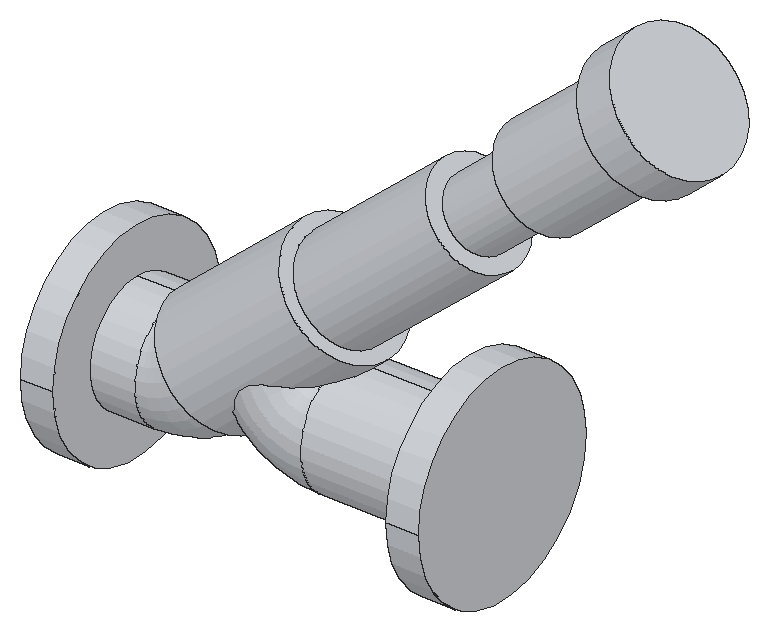
Revit family "1ee139f80a844d158aff28300526b1a3", category Pipe Accessories, Revit 2021
Family settings
  Round Connector Dimension = Use Radius
  Part Type = Valve - Breaks Into
  OmniClass Number = 23.65.55.14.17
  OmniClass Title = Adjusting/Controlling Valves for Liquid Services
  Seek Item ID = Diaphragm Valve - Y Pattern - 1.5-3 Inch - Threaded-0000-USA-ENU
  Work Plane-Based = No
  Always vertical = Yes
  Cut with Voids When Loaded = No
  Shared = No
Parameters (values of type "1 1/2"")
  Valve Material = none
  Valve Length = 0' - 6 13/128"
  Outside Diameter = 0' - 1 205/256"
  K Coefficient = 1.88
  Height 2 = Open Height / 2  # 0' - 3 243/256"
  Default Elevation = 0' - 0"
  Body Radius 3 = 1.1 * Outside Radius  # 0' - 0.99"
  Body Radius 4 = 0.8 * Body Radius 3  # 0' - 0.792"
  Body Radius 5 = 0.7 * Body Radius 4  # 0' - 0.5544"
  Body Radius 6 = 1.3 * Body Radius 4  # 0' - 1.0296"
  Height 1 = Open Height - Outside Radius  # 0' - 6.99844"
  Body Radius 2 = 1.05 * Outside Radius  # 0' - 0.945"
  Body Radius 1 = 1.05 * Outside Radius  # 0' - 0.945"
  Outside Radius = Nominal Diameter * 0.6  # 0' - 0.9"
  Open Height = 0' - 7 115/128"
  Nominal Radius = 3/4"
  Nominal Diameter = Nominal Radius * 2  # 1 1/2"
  Socket Thickness = 0' - 0 1/2"
  Socket Radius = 0' - 1 77/128"
  Body Length 7 = 0.1 * (((Height 1 - Body Radius 6 * cos(Angle 1) - Body Radius 1 * (1 - cos(Angle 1))) / sin(Angle 1)) - Body Length 3)  # 0' - 0.67218"
  Body Length 6 = 3 * Body Length 7  # 0' - 2.01655"
  Body Length 5 = 2 * Body Length 7  # 0' - 1.34437"
  Body Length 4 = 4 * Body Length 7  # 0' - 2.68874"
  Body Length 3 = 0' - 2 1/2"
  Body Length 2 = 0' - 1 7/8"
  Body Length 1 = 0' - 0 11/16"
  Angle 1 = 40.50°
  Angle 2 = 75.00°  # constant formula
Types (5): name | Valve Length | Outside Diameter | K Coefficient | Height 2 | Body Radius 3 | Body Radius 4 | Body Radius 5 | Body Radius 6 | Height 1 | Body Radius 2 | Body Radius 1 | Outside Radius | Open Height | Nominal Radius | Nominal Diameter | Socket Radius | Body Length 7 | Body Length 6 | Body Length 5 | Body Length 4 | Body Length 3 | Body Length 2 | Body Length 1 | Angle 1
  (no name) | 0' - 6 13/128" | 0' - 1 205/256" | 1.88 | 0' - 3 243/256" | 0' - 0.99" | 0' - 0.792" | 0' - 0.5544" | 0' - 1.0296" | 0' - 6.99844" | 0' - 0.945" | 0' - 0.945" | 0' - 0.9" | 0' - 7 115/128" | 3/4" | 1 1/2" | 0' - 1 77/128" | 0' - 0.67218" | 0' - 2.01655" | 0' - 1.34437" | 0' - 2.68874" | 0' - 2 1/2" | 0' - 1 7/8" | 0' - 0 11/16" | 40.50°
  3" | 0' - 9 205/256" | 0' - 3 77/128" | 4.07 | 0' - 5 51/256" | 0' - 1.98" | 0' - 1.584" | 0' - 1.1088" | 0' - 2.0592" | 0' - 8.59844" | 0' - 1.89" | 0' - 1.89" | 0' - 1.8" | 0' - 10 51/128" | 1 1/2" | 3" | 0' - 2 51/256" | 0' - 0.5318" | 0' - 1.59539" | 0' - 1.06359" | 0' - 2.12719" | 0' - 4" | 0' - 2 15/32" | 0' - 1" | 45.00°
  2 1/2" | 0' - 8 77/256" | 0' - 3" | 8.48 | 0' - 4.09961" | 0' - 1.65" | 0' - 1.32" | 0' - 0.924" | 0' - 1.716" | 0' - 6 179/256" | 0' - 1.575" | 0' - 1.575" | 0' - 1 1/2" | 0' - 8 51/256" | 1 1/4" | 2 1/2" | 0' - 1 115/128" | 0' - 0.38623" | 0' - 1.1587" | 0' - 0.77247" | 0' - 1.54493" | 0' - 3 1/2" | 0' - 2 5/32" | 0' - 0 205/256" | 43.00°
  2" | 0' - 6 13/128" | 0' - 1 205/256" | 4.23 | 0' - 4" | 0' - 1.32" | 0' - 1.056" | 0' - 0.7392" | 0' - 1.3728" | 0' - 6.8" | 0' - 1.26" | 0' - 1.26" | 0' - 1.2" | 0' - 8" | 1" | 2" | 0' - 1 77/128" | 0' - 0.57333" | 0' - 1.71998" | 0' - 1.14665" | 0' - 2.2933" | 0' - 2 1/2" | 0' - 1 1/4" | 0' - 0 1/2" | 41.50°
  1 1/2" | 0' - 6 13/128" | 0' - 1 205/256" | 1.88 | 0' - 3 243/256" | 0' - 0.99" | 0' - 0.792" | 0' - 0.5544" | 0' - 1.0296" | 0' - 6.99844" | 0' - 0.945" | 0' - 0.945" | 0' - 0.9" | 0' - 7 115/128" | 3/4" | 1 1/2" | 0' - 1 77/128" | 0' - 0.67218" | 0' - 2.01655" | 0' - 1.34437" | 0' - 2.68874" | 0' - 2 1/2" | 0' - 1 7/8" | 0' - 0 11/16" | 40.50°
Reference planes (in)
  plane 1 "Center (Front/Back)": y = 0
  plane 2: z = 0
  plane 3 "Center (Left/Right)": x = 0
  plane 4: x = -3.05078
  plane 5: x = 3.05078
  plane 6: x = -2.55078
  plane 7: x = 2.55078
  plane 8: x = -1.86328
  plane 9: x = 0.67578
  plane 10: z = 0.945
  plane 11: z = 6.99844
  plane 12: z = 0.945
Forms (in)
  Sweep 1, solid, material <- "Valve Material", detail levels fine
    path in 3D
      loop
        line (-2.55078, 0, 0) -> (-1.86328, 0, 0)
        arc (-1.86328, 0, 0) -> (-1.5362, 0, 0.05841) -> (-1.24955, 0, 0.22642) r 0.945
    profile origin (-2.20703, 0, 0) x (0, 0, 1) y (0, -1, 0)
      loop
        circle (0, 0) r 0.9
  Sweep 2, solid, material <- "Valve Material", detail levels fine
    path in 3D
      loop
        line (2.55078, 0, 0) -> (0.67578, 0, 0)
        arc (0.67578, 0, 0) -> (0.1005, 0, 0.19528) -> (-0.23702, 0, 0.70042) r 0.945
    profile origin (1.61328, 0, 0) x (0, 0, -1) y (0, -1, 0)
      loop
        circle (0, 0) r 0.9
  Sweep 3, solid, material <- "Valve Material", detail levels fine
    path in 3D
      loop
        line (-1.24955, 0, 0.22642) -> (0.65146, 0, 1.85004)
    profile origin (-0.29905, 0, 1.03823) x (-0.649448, 0, 0.760406) y (0, -1, 0)
      loop
        circle (0, 0) r 0.99
  Sweep 4, solid, material <- "Valve Material", detail levels fine
    path in 3D
      loop
        line (0.65146, 0, 1.85004) -> (2.69599, 0, 3.59623)
    profile origin (1.67373, 0, 2.72313) x (-0.649448, 0, 0.760406) y (0, -1, 0)
      loop
        circle (0, 0) r 0.792
  Sweep 5, solid, material <- "Valve Material", detail levels fine
    path in 3D
      loop
        line (3.71826, 0, 4.46933) -> (5.25166, 0, 5.77897)
    profile origin (4.48496, 0, 5.12415) x (-0.649448, 0, 0.760406) y (0, -1, 0)
      loop
        circle (0, 0) r 0.792
  Sweep 6, solid, material <- "Valve Material", detail levels fine
    path in 3D
      loop
        line (2.69599, 0, 3.59623) -> (3.71826, 0, 4.46933)
    profile origin (3.20713, 0, 4.03278) x (-0.649448, 0, 0.760406) y (0, -1, 0)
      loop
        circle (0, 0) r 0.5544
  Sweep 7, solid, material <- "Valve Material", detail levels fine
    path in 3D
      loop
        line (5.25166, 0, 5.77897) -> (5.76279, 0, 6.21552)
    profile origin (5.50722, 0, 5.99725) x (-0.649448, 0, 0.760406) y (0, -1, 0)
      loop
        circle (0, 0) r 1.0296
  Extrusion 8, solid, material <- "Valve Material", detail levels fine
    sketch origin (0, 0, 0) x (0, 1, 0) y (0, 0, 1)
      loop
        circle (0, 0) r 1.60156
    from 2.55078 to 3.05078
  Extrusion 9, solid, material <- "Valve Material", detail levels fine
    sketch origin (0, 0, 0) x (0, 1, 0) y (0, 0, 1)
      loop
        circle (0, 0) r 1.60156
    from -3.05078 to -2.55078
Cuts and joins
  joined: Sweep 1, Sweep 4, Sweep 5, Sweep 6, Sweep 7, Extrusion 8, Extrusion 9
Lines and regions (in)
  reference lines
    curve 1: line (-2.55078, 0, 0) -> (-1.86328, 0, 0)
    curve 2: arc (-1.86328, 0, 0) -> (-1.5362, 0, 0.05841) -> (-1.24955, 0, 0.22642) r 0.945
    curve 3: line (-1.24955, 0, 0.22642) -> (0.65146, 0, 1.85004)
    curve 4: line (0.65146, 0, 1.85004) -> (2.69599, 0, 3.59623)
    curve 5: line (2.69599, 0, 3.59623) -> (3.71826, 0, 4.46933)
    curve 6: line (3.71826, 0, 4.46933) -> (5.25166, 0, 5.77897)
    curve 7: line (5.25166, 0, 5.77897) -> (5.76279, 0, 6.21552)
    curve 8: line (2.55078, 0, 0) -> (0.67578, 0, 0)
    curve 9: arc (0.67578, 0, 0) -> (0.1005, 0, 0.19528) -> (-0.23702, 0, 0.70042) r 0.945
  sketch lines
    curve 10: line (-2.55078, 0, 0) -> (-1.86328, 0, 0)
    curve 11: arc (-1.86328, 0, 0) -> (-1.5362, 0, 0.05841) -> (-1.24955, 0, 0.22642) r 0.945
    curve 12: line (2.55078, 0, 0) -> (0.67578, 0, 0)
    curve 13: arc (0.67578, 0, 0) -> (0.1005, 0, 0.19528) -> (-0.23702, 0, 0.70042) r 0.945
    curve 14: line (-1.24955, 0, 0.22642) -> (0.65146, 0, 1.85004)
    curve 15: line (0.65146, 0, 1.85004) -> (2.69599, 0, 3.59623)
    curve 16: line (3.71826, 0, 4.46933) -> (5.25166, 0, 5.77897)
    curve 17: line (2.69599, 0, 3.59623) -> (3.71826, 0, 4.46933)
    curve 18: line (5.25166, 0, 5.77897) -> (5.76279, 0, 6.21552)
  model lines, detail levels coarse+medium
    curve 19: line (-3.05078, -1.76137, 0) -> (-3.05078, 0, 0)
    curve 20: line (3.05078, -1.76137, 0) -> (3.05078, 0, 0)
    curve 21: line (-3.05078, -1.76137, 0) -> (0, 0, 0)
    curve 22: line (0, 0, 0) -> (3.05078, -1.76137, 0)
    curve 23: line (-3.05078, 1.76137, 0) -> (-3.05078, 0, 0)
    curve 24: line (3.05078, 1.76137, 0) -> (3.05078, 0, 0)
    curve 25: line (-3.05078, 1.76137, 0) -> (0, 0, 0)
    curve 26: line (0, 0, 0) -> (3.05078, 1.76137, 0)
    curve 27: line (0, 0, 0) -> (0, 3.94922, 0)
    curve 28: line (0, 3.94922, 0) -> (1.5, 3.94922, 0)
    curve 29: line (0, 3.94922, 0) -> (-1.5, 3.94922, 0)
    curve 30: arc (-1.5, 3.94922, 0) -> (0, 5.44922, 0) -> (1.5, 3.94922, 0) r 1.5
    curve 31: line (-3.05078, 0, 0) -> (-4.85156, 0, 0)
    curve 32: line (3.05078, 0, 0) -> (4.85156, 0, 0)
Dimensions and locks (in)
  equal spacing: plane 5, plane 3 "Center (Left/Right)", plane 4
  "Valve Length": plane 5 to plane 4
  "Socket Thickness": plane 6 to plane 4
  "Socket Thickness": plane 7 to plane 5
  "Body Length 1": plane 8 to plane 6
  "Body Length 2": plane 9 to plane 7
  "Body Radius 1": plane 10 to plane 2
  "Height 1": plane 11 to plane 2
  "Body Radius 2": plane 12 to plane 2
  "Body Length 3": curve 3 to curve 3
  "Body Length 4": curve 4 to curve 4
  "Body Length 5": curve 5 to curve 5
  "Body Length 6": curve 6 to curve 6
  "Body Length 7": curve 7 to curve 7
  "Height 2": plane 1 "Center (Front/Back)" to curve 27
  "Nominal Diameter": plane 3 "Center (Left/Right)" to curve 28
  "Nominal Diameter": curve 29 to plane 3 "Center (Left/Right)"
  "Outside Diameter": curve 31 to curve 23
  "Outside Diameter": plane 5 to curve 32
  "Outside Radius": radius of Sweep 1 sketch curve
  "Outside Radius": radius of Sweep 2 sketch curve
  "Body Radius 3": radius of Sweep 3 sketch curve
  "Body Radius 4": radius of Sweep 4 sketch curve
  "Body Radius 4": radius of Sweep 5 sketch curve
  "Body Radius 5": radius of Sweep 6 sketch curve
  "Body Radius 6": radius of Sweep 7 sketch curve
  "Socket Radius": radius of Extrusion 8 sketch curve
  "Socket Radius": radius of Extrusion 9 sketch curve
  "Angle 1": angle curve 2 to curve 2
  "Angle 1": angle plane 2 to curve 3
  "Angle 1": angle plane 2 to curve 4
  "Angle 1": angle plane 2 to curve 5
  "Angle 1": angle plane 2 to curve 6
  "Angle 1": angle plane 2 to curve 7
  "Angle 2": angle curve 9 to curve 9
  locked: plane 1 "Center (Front/Back)" to curve 21 (angle 30.00°)
  locked: curve 22 to plane 1 "Center (Front/Back)" (angle 30.00°)
  locked: plane 1 "Center (Front/Back)" to curve 26 (angle 30.00°)
  locked: curve 25 to plane 1 "Center (Front/Back)" (angle 30.00°)
  aligned and locked: plane 6 to curve 1
  aligned and locked: curve 1 to level
  aligned and locked: plane 8 to curve 2
  aligned and locked: plane 10 to curve 2
  aligned and locked: plane 7 to curve 8
  aligned and locked: level to curve 8
  aligned and locked: plane 9 to curve 9
  aligned and locked: plane 12 to curve 9
  aligned and locked: plane 1 "Center (Front/Back)" to Extrusion 8 sketch curve
  aligned and locked: plane 2 to Extrusion 8 sketch curve
  aligned and locked: plane 1 "Center (Front/Back)" to Extrusion 9 sketch curve
  aligned and locked: plane 2 to Extrusion 9 sketch curve
  aligned and locked: Extrusion 9 to plane 4
  aligned and locked: plane 6 to Extrusion 9
  aligned and locked: Extrusion 8 to plane 5
  aligned and locked: plane 7 to Extrusion 8
  aligned and locked: curve 20 to plane 5
  aligned and locked: plane 4 to curve 21
  aligned and locked: plane 5 to curve 24
  aligned and locked: curve 23 to plane 4
  aligned and locked: plane 1 "Center (Front/Back)" to curve 26
Automatic sketch dimensions
  Sweep 1 sketch curve to profile plane = 0' - 0"  (x2)
  Sweep 2 sketch curve to profile plane = 0' - 0"  (x2)
  Sweep 3 sketch curve to profile plane = 0' - 0"  (x2)
  Sweep 4 sketch curve to profile plane = 0' - 0"  (x2)
  Sweep 5 sketch curve to profile plane = 0' - 0"  (x2)
  Sweep 6 sketch curve to profile plane = 0' - 0"  (x2)
  Sweep 7 sketch curve to profile plane = 0' - 0"  (x2)
  curve 31 to plane 1 "Center (Front/Back)" = 0' - 0"
  curve 22 to plane 3 "Center (Left/Right)" = 0' - 0"
  curve 32 to plane 1 "Center (Front/Back)" = 0' - 0"
Connectors (in)
  piping at (-3.05078, 0, 0), diameter 1.5, driven by "Nominal Radius"
    settings: on cut or joined group of Sweep 1, Sweep 4, Sweep 5, Sweep 6, Sweep 7, Extrusion 8, Extrusion 9, index 1, connector inside diameter 1 1/2", connector length 0' - 0", flow factor 0, pipe flow 0 GPM, pressure drop 0.00 psi, fitting loss kfactor 0, connector angle 0.00°, fixture units 0, engagement length 0' - 0", angle of deflection 0.00°, flow configuration 0, flow direction 0, fitting loss method 2, system type 29, joint type 0, gender type 0, connector reference index 2, connector utility 0, adjustable connector no, is connector primary yes, connector description ""
  piping at (3.05078, 0, 0), diameter 1.5, driven by "Nominal Radius", driven by "K Coefficient"
    settings: on cut or joined group of Sweep 1, Sweep 4, Sweep 5, Sweep 6, Sweep 7, Extrusion 8, Extrusion 9, index 2, connector inside diameter 1 1/2", connector length 0' - 0", flow factor 0, pipe flow 0 GPM, pressure drop 0.00 psi, fitting loss kfactor 1.88, connector angle 0.00°, fixture units 0, engagement length 0' - 0", angle of deflection 0.00°, flow configuration 0, flow direction 0, fitting loss method 2, system type 29, joint type 0, gender type 0, connector reference index 1, connector utility 0, adjustable connector no, is connector primary no, connector description ""
